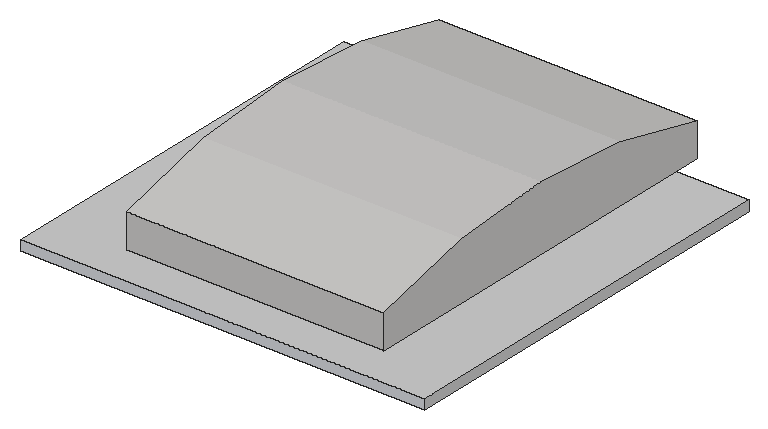
Revit family "PRESTO 1000 A Acero Inoxidable", category Aparatos sanitarios, Revit 2015
Parameters (values of type "19550")
  URL = "http://www.prestoiberica.com/inodoro/temporizada-clasica/presto-1000?c=es"
  Teléfono = "(+34) 915 782 575"
  TIPO DE AGUA = ""
  REFERENCIA = "19550"
  Presión Máxima = ""
  PESO BRUTO = "1.550 Kg"
  Modelo = "PRESTO 1000 A"
  Material = Presto Ibérica: CROMO INOXIDABLE
  Imagen de tipo = <Ninguno>
  Fabricante = "PRESTO IBÉRICA"
  Default Elevation = 1219.2 mm
  ENTRADA = "Macho 1\""
  Descripción = "Fluxor temporizado para encastrar con cuerpo de latón y caja de empotrar con protección antioxidante. Dispositivo antiSifónico incorporado. Pistón intercambiable."
  Código de montaje = "C1030220"
  Contacto = "info@prestoiberica.com"
  Conexión AF = yes
  Conexión AC = yes
  Comentarios de tipo = "◦Suministrado con arandela, tuerca racor de salida y junta americana para tubo de Ø 28 mm\r\n◦Dispositivo antiSifónico incorporado\r\n◦Presión dinámica mínima que necesita a la entrada el fluxor: 0,900 bar\r\n◦Pistón intercambiable que comprende todo el mecanismo del fluxor\r\n◦Apertura por pulsador\r\n◦Caja de empotrar y placa de fijación intermedia fabricadas con protección antioxidante\r\n◦Pulsador y tapa en ABS pintado o cromado\r\n◦Cuerpo del fluxor en latón niquelado con piezas interiores en materiales resistentes a la corrosión y a las incrustaciones calcáreas."
  CIERRE = "Automátiaco a los 7 seg"
  CAUDAL = "1.2 L/Min"
  Accionamiento = "Por pulsador"
Reference planes
  plane 1 "Centro (Frontal/Posterior)": y = 0
  plane 2: z = 0
  plane 3 "Centro (Izquierda/Derecha)": x = 0
Forms (mm)
  Extrusion 1, solid
    sketch origin (0, 0, 0) x (1, 0, 0) y (0, 1, 0)
      loop
        line (-100, 100) -> (-100, -100) -> (100, -100) -> (100, 100) -> (-100, 100)
    from 0 to -5
  Extrusion 2, solid, material "Presto Ibérica: CROMO INOXIDABLE"
    sketch origin (5, 16.25, 0) x (0, 1, 0) y (0, 0, 1)
      loop
        line (-96.519, 0) -> (96.519, 0) -> (96.519, 16.848)
        arc (96.519, 16.848) -> (0, 32.487) -> (-96.519, 16.848) r 305.666
        line (-96.519, 16.848) -> (-96.519, 0)
    from -68.211 to 59.21
Dimensions and locks
  Extrusion 1 sketch curve to plane 1 "Centro (Frontal/Posterior)" = 100 mm
  aligned and locked: plane 2 to Extrusion 1
  aligned and locked: level to Extrusion 1
Connectors
  piping at (86.3, -0.25, -44.537), diameter 25.4
    settings: on import instance, index 1, connector inside diameter 609.6 mm, connector length 0 mm, flow factor 0, pipe flow 0.0 L/s, pressure drop 0.0 Pa, fitting loss kfactor 0, connector angle 0.00°, fixture units 0, engagement length 0 mm, angle of deflection 0.00°, flow configuration 0, flow direction 1, fitting loss method 0, system type 20, joint type 0, gender type 0, connector reference index -1, connector utility 0, adjustable connector no, is connector primary yes, connector description ""
